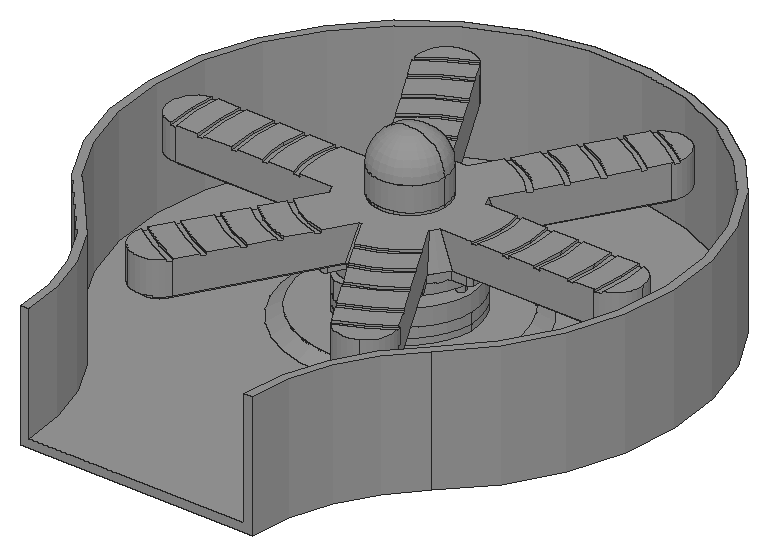
Revit family "ALMA-Galen_Rinser", category Plumbing Fixtures, Revit 2026
Family settings
  Round Connector Dimension = Use Diameter
  Part Type = Normal
  Work Plane-Based = No
  Enable Cutting in Views = Yes
  Always vertical = Yes
  Cut with Voids When Loaded = No
  Maintain Annotation Orientation = No
  Shared = No
  Room Calculation Point = No
Parameters (values of type "BRUSHED BRASS GOLD")
  TiltingGasket_Material = Plastic
  SprayPlate_Material = Black Rubber
  Default Elevation = 0 mm
  CentralBody_Material = Stainles Steel
  Base_Material = BM_BRASS GOLD
Types (6, lengths in mm): name | Base_Material
  (no name) | BM_BRASS GOLD
  MATTE BLACK | BM_MATTE BLACK
  BRUSHED BRASS GOLD | BM_BRASS GOLD
  BRUSHED ANTIQUE BRASS | BM_ANTIQUE BRASS
  BRUSHED GUNMETAL | BM_GUNMETAL
  BRUSHED NICKEL | BM_NICKEL
Reference planes
  plane 1 "Center (Front/Back)": y = 0
  plane 2: z = 0
  plane 3 "Center (Left/Right)": x = 0
  plane 4: x = -64
  plane 5: x = 64
  plane 6: x = 13.5
  plane 7: z = 42.886
  plane 8: y = 64
  plane 9: y = -82
Forms (mm)
  Extrusion 1, solid, material "BM_BRASS GOLD" <- "Base_Material"
    sketch origin (0, 0, 0) x (1, 0, 0) y (0, 1, 0)
      loop
        arc (43.164, -47.253) -> (0.408, 63.999) -> (-43.763, -46.699) r 64
        arc (-43.763, -46.699) -> (-32.486, -62.77) -> (-28.586, -82.012) r 48
        line (-28.586, -82.012) -> (27.542, -82.012)
        arc (27.542, -82.012) -> (31.756, -63.016) -> (43.164, -47.253) r 48
    from 0 to 30
  Extrusion 2, void
    sketch origin (0, 0, 0) x (1, 0, 0) y (0, 1, 0)
      loop
        arc (41.815, -45.777) -> (0.395, 61.999) -> (-42.396, -45.24) r 62
        arc (-42.396, -45.24) -> (-30.648, -61.98) -> (-26.586, -82.024) r 50
        line (-26.586, -82.024) -> (25.541, -82.024)
        arc (25.541, -82.024) -> (29.923, -62.215) -> (41.815, -45.777) r 50
    from 2 to 30
  SweptBlend 3, solid, material "BM_BRASS GOLD" <- "Base_Material"
    path origin (0, 0, 0) x (1, 0, 0) y (0, 0, 1)
      loop
        line (0, 2) -> (0, 4)
    profile origin (0, 0, 2) x (-1, 0, 0) y (0, -1, 0)
      loop
        circle (0, 0) r 27.524
    end profile origin (0, 0, 4) x (-1, 0, 0) y (0, -1, 0)
      loop
        circle (0, 0) r 23.998
  Extrusion 4, void
    sketch origin (0, 0, 0) x (1, 0, 0) y (0, 1, 0)
      loop
        circle (0, 0) r 10.5
    from 0 to 37.603
  Extrusion 5, solid, material "Stainles Steel" <- "CentralBody_Material"
    sketch origin (0, 0, 4) x (0, -1, 0) y (1, 0, 0)
      loop
        circle (0, 0) r 15
    from 1.5 to 4
  Extrusion 6, solid, material "Silicone"
    sketch origin (0, 0, 1.5) x (0, -1, 0) y (1, 0, 0)
      loop
        circle (0, 0) r 15
    from 2.5 to 4
  Extrusion 7, solid, material "Stainles Steel"
    sketch origin (0, 0, 12) x (0, -1, 0) y (1, 0, 0)
      loop
        circle (0, 0) r 4
    from 0 to 2.7
  Extrusion 8, solid, material "Stainles Steel" <- "CentralBody_Material"
    sketch origin (0, 0, 14.7) x (0, -1, 0) y (1, 0, 0)
      loop
        circle (0, 0) r 15
    from 0 to 2.3
  Extrusion 9, solid, material "Stainles Steel" <- "CentralBody_Material"
    sketch origin (0, 0, 8) x (1, 0, 0) y (0, 1, 0)
      loop
        line (8.357, 12.457) -> (-8.357, 12.457)
        arc (-8.357, 12.457) -> (-15, 0) -> (-8.357, -12.457) r 15
        line (-8.357, -12.457) -> (8.357, -12.457)
        arc (8.357, -12.457) -> (15, 0) -> (8.357, 12.457) r 15
    from 0 to 4
  Extrusion 10, solid, material "Stainles Steel"
    sketch origin (0, 0, 12) x (1, 0, 0) y (0, 1, 0)
      loop
        circle (12.5, 0) r 1
      loop
        circle (-12.5, 0) r 1
    from 0 to 5
  Extrusion 11, solid, material "Stainles Steel" <- "CentralBody_Material"
    sketch origin (0, 0, 17) x (0, -1, 0) y (1, 0, 0)
      loop
        circle (0, 0) r 8.5
    from 0 to 12
  Revolve 12, solid, material "Stainles Steel" <- "CentralBody_Material"
    sketch origin (0, 0, 0) x (1, 0, 0) y (0, 0, 1)
      loop
        arc (0, 42.886) -> (-5.977, 40.733) -> (-8.5, 34.902) r 8
        line (-8.5, 34.902) -> (-8.5, 29) -> (0, 29) -> (0, 42.886)
      axis (0, 42.886) -> (0, 29)
    angle from 0 to 360
  Extrusion 13, solid, material "Plastic"
    sketch origin (0, 0, 0) x (1, 0, 0) y (0, 1, 0)
      loop
        circle (0, 0) r 25
      loop
        circle (0, 0) r 11
    from 0 to -15
  Extrusion 14, solid, material "Stainles Steel" <- "CentralBody_Material"
    sketch origin (0, 0, 0) x (1, 0, 0) y (0, 1, 0)
      loop
        circle (0, 0) r 6.5
      loop
        arc (-11.576, 9.54) -> (-13.358, 6.824) -> (-14.514, 3.787) r 15
        line (-14.514, 3.787) -> (-17.856, 3.787)
        arc (-17.856, 3.787) -> (-18.563, 3.495) -> (-18.856, 2.787) r 1
        line (-18.856, 2.787) -> (-18.856, -4.288)
        arc (-18.856, -4.288) -> (-18.574, -4.97) -> (-17.891, -5.253) r 0.965
        line (-17.891, -5.253) -> (-14.05, -5.253)
        arc (-14.05, -5.253) -> (-12.991, -7.499) -> (-11.576, -9.54) r 15
        line (-11.576, -9.54) -> (-13.598, -13.042)
        arc (-13.598, -13.042) -> (-13.697, -13.772) -> (-13.256, -14.361) r 0.971
        line (-13.256, -14.361) -> (-7.234, -17.974)
        arc (-7.234, -17.974) -> (-6.455, -18.09) -> (-5.822, -17.621) r 1.029
        line (-5.822, -17.621) -> (-3.934, -14.475)
        arc (-3.934, -14.475) -> (0, -15) -> (3.934, -14.475) r 15
        line (3.934, -14.475) -> (5.822, -17.621)
        arc (5.822, -17.621) -> (6.455, -18.09) -> (7.234, -17.974) r 1.029
        line (7.234, -17.974) -> (13.256, -14.361)
        arc (13.256, -14.361) -> (13.697, -13.772) -> (13.598, -13.042) r 0.971
        line (13.598, -13.042) -> (11.576, -9.54)
        arc (11.576, -9.54) -> (12.991, -7.499) -> (14.05, -5.253) r 15
        line (14.05, -5.253) -> (17.891, -5.253)
        arc (17.891, -5.253) -> (18.574, -4.97) -> (18.856, -4.288) r 0.965
        line (18.856, -4.288) -> (18.856, 2.787)
        arc (18.856, 2.787) -> (18.563, 3.495) -> (17.856, 3.787) r 1
        line (17.856, 3.787) -> (14.514, 3.787)
        arc (14.514, 3.787) -> (13.358, 6.824) -> (11.576, 9.54) r 15
        line (11.576, 9.54) -> (13.598, 13.042)
        arc (13.598, 13.042) -> (13.697, 13.772) -> (13.256, 14.361) r 0.971
        line (13.256, 14.361) -> (7.234, 17.974)
        arc (7.234, 17.974) -> (6.455, 18.09) -> (5.822, 17.621) r 1.029
        line (5.822, 17.621) -> (3.934, 14.475)
        arc (3.934, 14.475) -> (0, 15) -> (-3.934, 14.475) r 15
        line (-3.934, 14.475) -> (-5.822, 17.621)
        arc (-5.822, 17.621) -> (-6.455, 18.09) -> (-7.234, 17.974) r 1.029
        line (-7.234, 17.974) -> (-13.256, 14.361)
        arc (-13.256, 14.361) -> (-13.697, 13.772) -> (-13.598, 13.042) r 0.971
        line (-13.598, 13.042) -> (-11.576, 9.54)
    from 17 to 19
  Extrusion 15, solid, material "Black Rubber" <- "SprayPlate_Material"
    sketch origin (0, 0, 20.5) x (0, -1, 0) y (1, 0, 0)
      loop
        arc (-5.745, -50.878) -> (-3.841, -55.474) -> (0.775, -57.378) r 6.5
        arc (0.775, -57.378) -> (5.357, -55.48) -> (7.255, -50.898) r 6.48
        line (7.255, -50.898) -> (7.255, 50.248)
        arc (7.255, 50.248) -> (5.251, 54.942) -> (0.475, 56.742) r 6.5
        arc (0.475, 56.742) -> (-3.939, 54.744) -> (-5.745, 50.248) r 6.5
        line (-5.745, 50.248) -> (-5.745, -50.878)
    from 0 to 8
  Extrusion 16, solid, material "Black Rubber" <- "SprayPlate_Material"
    sketch origin (0, 0, 20.5) x (0.866025, -0.5, 0) y (0.5, 0.866025, 0)
      loop
        arc (-5.745, -50.878) -> (-3.841, -55.474) -> (0.775, -57.378) r 6.5
        arc (0.775, -57.378) -> (5.357, -55.48) -> (7.255, -50.898) r 6.48
        line (7.255, -50.898) -> (7.255, 50.248)
        arc (7.255, 50.248) -> (5.251, 54.942) -> (0.475, 56.742) r 6.5
        arc (0.475, 56.742) -> (-3.939, 54.744) -> (-5.745, 50.248) r 6.5
        line (-5.745, 50.248) -> (-5.745, -50.878)
    from 0 to 8
  Extrusion 17, solid, material "Black Rubber" <- "SprayPlate_Material"
    sketch origin (0, 0, 20.5) x (-0.866025, -0.5, 0) y (0.5, -0.866025, 0)
      loop
        line (-5.745, 50.878) -> (-5.745, -50.248)
        arc (-5.745, -50.248) -> (-3.939, -54.744) -> (0.475, -56.742) r 6.5
        arc (0.475, -56.742) -> (5.251, -54.942) -> (7.255, -50.248) r 6.5
        line (7.255, -50.248) -> (7.255, 50.898)
        arc (7.255, 50.898) -> (5.357, 55.48) -> (0.775, 57.378) r 6.48
        arc (0.775, 57.378) -> (-3.841, 55.474) -> (-5.745, 50.878) r 6.5
    from 0 to 8
  SweptBlend 18, solid, material "Black Rubber" <- "SprayPlate_Material"
    path origin (0, 0, 3.5) x (1, 0, 0) y (0, 0, 1)
      loop
        line (0, 17) -> (0, 25)
    profile origin (0, 0, 20.5) x (-1, 0, 0) y (0, -1, 0)
      loop
        circle (0, 0) r 17.5
    end profile origin (0, 0, 28.5) x (-1, 0, 0) y (0, -1, 0)
      loop
        circle (0, 0) r 15
  Extrusion 19, solid, material "Stainles Steel" <- "CentralBody_Material"
    sketch origin (0, 0, 0) x (1, 0, 0) y (0, 1, 0)
      loop
        line (50.248, 3.745) -> (14.525, 3.745)
        arc (14.525, 3.745) -> (13.368, 6.804) -> (11.576, 9.54) r 15
        line (11.576, 9.54) -> (29.675, 40.889)
        arc (29.675, 40.889) -> (30.098, 44.397) -> (27.858, 47.129) r 4.5
        arc (27.858, 47.129) -> (24.52, 47.459) -> (21.881, 45.389) r 4.5
        line (21.881, 45.389) -> (4.019, 14.452)
        arc (4.019, 14.452) -> (0, 15) -> (-4.019, 14.452) r 15
        line (-4.019, 14.452) -> (-21.881, 45.389)
        arc (-21.881, 45.389) -> (-24.52, 47.459) -> (-27.858, 47.129) r 4.5
        arc (-27.858, 47.129) -> (-30.098, 44.397) -> (-29.675, 40.889) r 4.5
        line (-29.675, 40.889) -> (-11.576, 9.54)
        arc (-11.576, 9.54) -> (-13.368, 6.804) -> (-14.525, 3.745) r 15
        line (-14.525, 3.745) -> (-50.878, 3.745)
        arc (-50.878, 3.745) -> (-54.063, 2.423) -> (-55.378, -0.765) r 4.5
        arc (-55.378, -0.765) -> (-54.069, -3.939) -> (-50.898, -5.255) r 4.48
        line (-50.898, -5.255) -> (-14.049, -5.255)
        arc (-14.049, -5.255) -> (-12.577, -8.175) -> (-10.506, -10.706) r 15
        line (-10.506, -10.706) -> (-28.682, -42.189)
        arc (-28.682, -42.189) -> (-29.13, -45.608) -> (-27.026, -48.341) r 4.5
        arc (-27.026, -48.341) -> (-23.623, -48.795) -> (-20.898, -46.706) r 4.48
        line (-20.898, -46.706) -> (-2.474, -14.795)
        arc (-2.474, -14.795) -> (0, -15) -> (2.474, -14.795) r 15
        line (2.474, -14.795) -> (20.898, -46.706)
        arc (20.898, -46.706) -> (23.623, -48.795) -> (27.026, -48.341) r 4.48
        arc (27.026, -48.341) -> (29.13, -45.608) -> (28.682, -42.189) r 4.5
        line (28.682, -42.189) -> (10.506, -10.706)
        arc (10.506, -10.706) -> (12.577, -8.175) -> (14.049, -5.255) r 15
        line (14.049, -5.255) -> (50.248, -5.255)
        arc (50.248, -5.255) -> (53.498, -3.868) -> (54.744, -0.561) r 4.5
        arc (54.744, -0.561) -> (53.361, 2.495) -> (50.248, 3.745) r 4.5
    from 19 to 20.5
  Extrusion 20, void
    sketch origin (0, 0, 0) x (1, 0, 0) y (0, 1, 0)
      loop
        circle (0, 0) r 23.488
      loop
        circle (0, 0) r 21.988
    from 28 to 30
  Extrusion 21, void
    sketch origin (0, 0, 0) x (1, 0, 0) y (0, 1, 0)
      loop
        circle (0, 0) r 30.728
      loop
        circle (0, 0) r 29.228
    from 28 to 30
  Extrusion 22, void
    sketch origin (0, 0, 0) x (1, 0, 0) y (0, 1, 0)
      loop
        circle (0, 0) r 37.98
      loop
        circle (0, 0) r 36.48
    from 28 to 30
  Extrusion 23, void
    sketch origin (0, 0, 0) x (1, 0, 0) y (0, 1, 0)
      loop
        circle (0, 0) r 46
      loop
        circle (0, 0) r 44.5
    from 28 to 30
  Extrusion 24, void
    sketch origin (0, 0, 0) x (1, 0, 0) y (0, 1, 0)
      loop
        circle (0, 0) r 52.67
      loop
        circle (0, 0) r 51.153
    from 28 to 30
Cuts and joins
  Extrusion 2, Extrusion 4, Extrusion 20, Extrusion 21, Extrusion 22, Extrusion 23, Extrusion 24 cuts Extrusion 1
  Extrusion 4, Extrusion 20 cuts SweptBlend 3
  Extrusion 20, Extrusion 21, Extrusion 22, Extrusion 23, Extrusion 24 cuts Extrusion 15
  Extrusion 20, Extrusion 21, Extrusion 22, Extrusion 23, Extrusion 24 cuts Extrusion 16
  Extrusion 20, Extrusion 21, Extrusion 22, Extrusion 23, Extrusion 24 cuts Extrusion 17
  Extrusion 20, Extrusion 21, Extrusion 22, Extrusion 23, Extrusion 24 cuts SweptBlend 18
  joined: Extrusion 15, Extrusion 16, Extrusion 17, SweptBlend 18
  Extrusion 20 cuts Extrusion 13
  Extrusion 20, Extrusion 21, Extrusion 22, Extrusion 23 cuts Extrusion 19
Text (mm)
  text "Refer to www.buildmat.com.au for the most current product literature. \nAllow a +/- 5mm tolerance for dimensions shown in the product literature. \nPlease note product details are subject to change due to ongoing product development." at (-1.255, -182.597, 0), in view "Ref. Level"
Dimensions and locks
  equal spacing: plane 4, plane 3 "Center (Left/Right)", plane 5
  plane 9 to plane 8 = 146 mm
  plane 4 to plane 5 = 128 mm
  aligned and locked: level to plane 2
Automatic sketch dimensions
  plane 1 "Center (Front/Back)" to Extrusion 1 sketch curve = 0 mm
  Extrusion 1 sketch curve to plane 3 "Center (Left/Right)" = 0 mm
  plane 9 to Extrusion 1 sketch curve = 0.012 mm
  Extrusion 1 sketch curve to plane 3 "Center (Left/Right)" = 28.586 mm
  Extrusion 1 sketch curve to plane 9 = 0.277 mm
  plane 4 to Extrusion 1 sketch curve = 12.585 mm
  plane 6 to Extrusion 1 sketch curve = 14.042 mm
  plane 9 to Extrusion 1 sketch curve = 0.693 mm
  Extrusion 1 sketch curve to plane 5 = 11.537 mm
  Extrusion 1 sketch curve to Extrusion 1 sketch curve = 0 mm
  plane 1 "Center (Front/Back)" to Extrusion 2 sketch curve = 0 mm
  Extrusion 2 sketch curve to plane 3 "Center (Left/Right)" = 0 mm
  plane 9 to Extrusion 2 sketch curve = 0.024 mm
  Extrusion 2 sketch curve to plane 3 "Center (Left/Right)" = 26.586 mm
  Extrusion 2 sketch curve to plane 9 = 0.277 mm
  plane 4 to Extrusion 2 sketch curve = 12.585 mm
  plane 6 to Extrusion 2 sketch curve = 12.041 mm
  plane 9 to Extrusion 2 sketch curve = 0.693 mm
  Extrusion 2 sketch curve to plane 5 = 11.537 mm
  Extrusion 2 sketch curve to Extrusion 2 sketch curve = 0 mm
  SweptBlend 3 sketch curve to plane 3 "Center (Left/Right)" = 0 mm
  level to SweptBlend 3 sketch curve = 2 mm
  SweptBlend 3 sketch curve to SweptBlend 3 sketch curve = 2 mm
  plane 1 "Center (Front/Back)" to SweptBlend 3 sketch curve = 0 mm  (x2)
  SweptBlend 3 sketch curve to profile plane = 0 mm  (x2)
  plane 1 "Center (Front/Back)" to Extrusion 4 sketch curve = 0 mm
  Extrusion 4 sketch curve to plane 3 "Center (Left/Right)" = 0 mm
  plane 1 "Center (Front/Back)" to Extrusion 6 sketch curve = 0 mm
  Extrusion 6 sketch curve to plane 3 "Center (Left/Right)" = 0 mm
  plane 1 "Center (Front/Back)" to Extrusion 7 sketch curve = 0 mm
  Extrusion 7 sketch curve to plane 3 "Center (Left/Right)" = 0 mm
  Extrusion 9 sketch curve to Extrusion 9 sketch curve = 0 mm  (x2)
  plane 1 "Center (Front/Back)" to Extrusion 9 sketch curve = 0 mm
  Extrusion 9 sketch curve to plane 3 "Center (Left/Right)" = 0 mm
  Extrusion 9 sketch curve to plane 3 "Center (Left/Right)" = 8.357 mm  (x2)
  Extrusion 9 sketch curve to plane 6 = 5.143 mm
  plane 1 "Center (Front/Back)" to Extrusion 9 sketch curve = 12.457 mm
  Extrusion 10 sketch curve to Extrusion 9 = 12.457 mm  (x2)
  Extrusion 10 sketch curve to Extrusion 10 sketch curve = 25 mm
  Revolve 12 sketch curve to plane 3 "Center (Left/Right)" = 0 mm  (x2)
  Revolve 12 sketch curve to plane 7 = 0 mm  (x2)
  Revolve 12 sketch curve to plane 3 "Center (Left/Right)" = 0.5 mm
  Extrusion 13 sketch curve to Extrusion 13 sketch curve = 0 mm  (x2)
  plane 1 "Center (Front/Back)" to Extrusion 13 sketch curve = 0 mm
  Extrusion 13 sketch curve to plane 3 "Center (Left/Right)" = 0 mm
  Extrusion 14 sketch curve to Extrusion 14 sketch curve = 0 mm  (x42)
  plane 1 "Center (Front/Back)" to Extrusion 14 sketch curve = 0 mm
  Extrusion 14 sketch curve to plane 3 "Center (Left/Right)" = 0 mm
  Extrusion 14 sketch curve to plane 3 "Center (Left/Right)" = 3.934 mm  (x2)
  Extrusion 14 sketch curve to Extrusion 14 sketch curve = 1.887 mm  (x4)
  Extrusion 14 sketch curve to Extrusion 14 sketch curve = 0.883 mm  (x4)
  Extrusion 14 sketch curve to Extrusion 14 sketch curve = 0.529 mm  (x8)
  Extrusion 14 sketch curve to Extrusion 14 sketch curve = 4.871 mm  (x2)
  Extrusion 14 sketch curve to Extrusion 14 sketch curve = 1.181 mm  (x2)
  Extrusion 14 sketch curve to Extrusion 14 sketch curve = 0.5 mm  (x2)
  Extrusion 14 sketch curve to Extrusion 14 sketch curve = 0.841 mm  (x2)
  Extrusion 14 sketch curve to Extrusion 14 sketch curve = 2.475 mm
  Extrusion 14 sketch curve to plane 1 "Center (Front/Back)" = 3.787 mm
  Extrusion 14 sketch curve to Extrusion 14 sketch curve = 2.938 mm
  Extrusion 14 sketch curve to Extrusion 14 sketch curve = 3.342 mm  (x2)
  Extrusion 14 sketch curve to Extrusion 14 sketch curve = 3.841 mm  (x2)
  Extrusion 14 sketch curve to Extrusion 14 sketch curve = 0.965 mm  (x2)
  plane 3 "Center (Left/Right)" to Extrusion 14 sketch curve = 3.934 mm  (x2)
  Extrusion 14 sketch curve to plane 6 = 1.924 mm  (x2)
  Extrusion 14 sketch curve to plane 6 = 0.743 mm  (x2)
  Extrusion 14 sketch curve to plane 6 = 0.244 mm  (x2)
  plane 6 to Extrusion 14 sketch curve = 0.098 mm  (x2)
  plane 6 to Extrusion 14 sketch curve = 0.55 mm
  plane 6 to Extrusion 14 sketch curve = 1.014 mm
  plane 1 "Center (Front/Back)" to Extrusion 14 sketch curve = 4.288 mm  (x2)
  Extrusion 14 sketch curve to Extrusion 14 sketch curve = 3.503 mm  (x4)
  Extrusion 14 sketch curve to Extrusion 14 sketch curve = 0.486 mm  (x4)
  Extrusion 14 sketch curve to Extrusion 14 sketch curve = 0.947 mm  (x2)
  Extrusion 14 sketch curve to Extrusion 14 sketch curve = 2.617 mm  (x4)
  Extrusion 14 sketch curve to plane 1 "Center (Front/Back)" = 2.787 mm
  Extrusion 15 sketch curve to Extrusion 15 sketch curve = 0 mm  (x2)
  Extrusion 15 sketch curve to plane 1 "Center (Front/Back)" = 5.745 mm
  plane 1 "Center (Front/Back)" to Extrusion 15 sketch curve = 0.755 mm  (x2)
  Extrusion 15 sketch curve to Extrusion 15 sketch curve = 0.02 mm  (x2)
  Extrusion 15 sketch curve to plane 4 = 13.102 mm
  plane 5 to Extrusion 15 sketch curve = 13.752 mm
  plane 1 "Center (Front/Back)" to Extrusion 15 sketch curve = 0.475 mm
  Extrusion 16 sketch curve to Extrusion 16 sketch curve = 0 mm  (x2)
  plane 6 to Extrusion 16 sketch curve = 6.649 mm
  plane 8 to Extrusion 16 sketch curve = 17.611 mm
  Extrusion 16 sketch curve to Extrusion 16 sketch curve = 6.5 mm  (x2)
  Extrusion 16 sketch curve to Extrusion 16 sketch curve = 0.02 mm  (x2)
  Extrusion 16 sketch curve to Extrusion 16 sketch curve = 101.126 mm
  Extrusion 16 sketch curve to Extrusion 16 sketch curve = 0.28 mm
  Extrusion 17 sketch curve to Extrusion 17 sketch curve = 0 mm  (x2)
  Extrusion 17 sketch curve to plane 3 "Center (Left/Right)" = 20.149 mm
  plane 8 to Extrusion 17 sketch curve = 17.611 mm
  Extrusion 17 sketch curve to Extrusion 17 sketch curve = 6.5 mm  (x2)
  Extrusion 17 sketch curve to Extrusion 17 sketch curve = 0.02 mm  (x2)
  Extrusion 17 sketch curve to Extrusion 17 sketch curve = 101.126 mm
  Extrusion 17 sketch curve to Extrusion 17 sketch curve = 0.28 mm
  SweptBlend 18 sketch curve to plane 3 "Center (Left/Right)" = 0 mm
  SweptBlend 18 sketch curve to profile plane = 0 mm  (x2)
  profile plane to SweptBlend 18 sketch curve = 0 mm  (x2)
  Extrusion 19 sketch curve to Extrusion 19 sketch curve = 0 mm  (x36)
  plane 1 "Center (Front/Back)" to Extrusion 19 sketch curve = 0 mm
  Extrusion 19 sketch curve to plane 3 "Center (Left/Right)" = 0 mm
  Extrusion 19 sketch curve to plane 3 "Center (Left/Right)" = 2.474 mm
  Extrusion 19 sketch curve to plane 3 "Center (Left/Right)" = 4.019 mm
  Extrusion 19 sketch curve to Extrusion 19 sketch curve = 8.032 mm
  Extrusion 19 sketch curve to Extrusion 19 sketch curve = 7.556 mm
  Extrusion 19 sketch curve to Extrusion 19 sketch curve = 3.544 mm
  Extrusion 19 sketch curve to plane 1 "Center (Front/Back)" = 3.745 mm
  Extrusion 19 sketch curve to Extrusion 19 sketch curve = 2.949 mm
  Extrusion 19 sketch curve to plane 3 "Center (Left/Right)" = 20.898 mm
  Extrusion 19 sketch curve to plane 3 "Center (Left/Right)" = 21.881 mm
  Extrusion 19 sketch curve to Extrusion 19 sketch curve = 3.88 mm  (x2)
  Extrusion 19 sketch curve to Extrusion 19 sketch curve = 0.007 mm  (x2)
  Extrusion 19 sketch curve to Extrusion 19 sketch curve = 3.897 mm  (x6)
  plane 8 to Extrusion 19 sketch curve = 23.111 mm  (x2)
  Extrusion 19 sketch curve to plane 4 = 13.122 mm
  Extrusion 19 sketch curve to Extrusion 19 sketch curve = 0.02 mm  (x2)
  plane 3 "Center (Left/Right)" to Extrusion 19 sketch curve = 2.474 mm
  plane 3 "Center (Left/Right)" to Extrusion 19 sketch curve = 4.019 mm
  Extrusion 19 sketch curve to plane 6 = 2.994 mm
  Extrusion 19 sketch curve to plane 6 = 1.924 mm
  plane 6 to Extrusion 19 sketch curve = 0.549 mm
  plane 6 to Extrusion 19 sketch curve = 1.025 mm
  plane 6 to Extrusion 19 sketch curve = 7.398 mm
  plane 6 to Extrusion 19 sketch curve = 8.381 mm
  plane 1 "Center (Front/Back)" to Extrusion 19 sketch curve = 5.255 mm
  plane 5 to Extrusion 19 sketch curve = 13.752 mm
  Extrusion 19 sketch curve to Extrusion 19 sketch curve = 4.088 mm  (x2)
  Extrusion 19 sketch curve to Extrusion 19 sketch curve = 27.394 mm
  Extrusion 19 sketch curve to Extrusion 19 sketch curve = 31.482 mm
  Extrusion 19 sketch curve to Extrusion 19 sketch curve = 2.25 mm  (x4)
  Extrusion 19 sketch curve to Extrusion 19 sketch curve = 0.027 mm  (x2)
  Extrusion 19 sketch curve to Extrusion 19 sketch curve = 2.24 mm  (x2)
  plane 1 "Center (Front/Back)" to Extrusion 19 sketch curve = 0.775 mm
  plane 1 "Center (Front/Back)" to Extrusion 19 sketch curve = 0.755 mm
  Extrusion 19 sketch curve to Extrusion 19 sketch curve = 4.912 mm
  Extrusion 19 sketch curve to Extrusion 19 sketch curve = 2.08 mm  (x2)
  plane 1 "Center (Front/Back)" to Extrusion 19 sketch curve = 0.561 mm
  Extrusion 20 sketch curve to Extrusion 20 sketch curve = 0 mm  (x2)
  plane 1 "Center (Front/Back)" to Extrusion 20 sketch curve = 0 mm
  Extrusion 20 sketch curve to plane 3 "Center (Left/Right)" = 0 mm
  Extrusion 21 sketch curve to Extrusion 21 sketch curve = 0 mm  (x2)
  plane 1 "Center (Front/Back)" to Extrusion 21 sketch curve = 0 mm
  Extrusion 21 sketch curve to plane 3 "Center (Left/Right)" = 0 mm
  Extrusion 22 sketch curve to Extrusion 22 sketch curve = 0 mm  (x2)
  plane 1 "Center (Front/Back)" to Extrusion 22 sketch curve = 0 mm
  Extrusion 22 sketch curve to plane 3 "Center (Left/Right)" = 0 mm
  Extrusion 23 sketch curve to Extrusion 23 sketch curve = 0 mm  (x2)
  plane 1 "Center (Front/Back)" to Extrusion 23 sketch curve = 0 mm
  Extrusion 23 sketch curve to plane 3 "Center (Left/Right)" = 0 mm
  Extrusion 24 sketch curve to Extrusion 24 sketch curve = 0 mm  (x2)
  plane 1 "Center (Front/Back)" to Extrusion 24 sketch curve = 0 mm
  Extrusion 24 sketch curve to plane 3 "Center (Left/Right)" = 0 mm
  Revolve 12 sketch curve to plane 7 = 7.984 mm
  Revolve 12 sketch curve to Revolve 12 sketch curve = 5.902 mm
  Revolve 12 sketch curve to Revolve 12 sketch curve = 0 mm
  level to SweptBlend 18 sketch curve = 20.5 mm
  SweptBlend 18 sketch curve to SweptBlend 18 sketch curve = 8 mm
  radius of SweptBlend 3 sketch curve = 27.524 mm
  radius of SweptBlend 3 sketch curve = 23.998 mm
  radius of Extrusion 4 sketch curve = 10.5 mm
  radius of Extrusion 5 sketch curve to SweptBlend 3 = 8.998 mm
  radius of Extrusion 6 sketch curve = 15 mm
  radius of Extrusion 7 sketch curve = 4 mm
  radius of Extrusion 7 to Extrusion 8 sketch curve = 11 mm
  radius of Extrusion 10 sketch curve = 1 mm  (x2)
  radius of Extrusion 11 sketch curve to Extrusion 8 = 6.5 mm
  radius of Extrusion 13 sketch curve = 25 mm
  radius of Extrusion 13 sketch curve = 11 mm
  radius of Extrusion 14 sketch curve = 6.5 mm
  radius of SweptBlend 18 sketch curve = 17.5 mm
  radius of SweptBlend 18 sketch curve = 15 mm
  radius of Extrusion 20 sketch curve = 23.488 mm
  radius of Extrusion 20 sketch curve = 21.988 mm
  radius of Extrusion 21 sketch curve = 30.728 mm
  radius of Extrusion 21 sketch curve = 29.228 mm
  radius of Extrusion 22 sketch curve = 37.98 mm
  radius of Extrusion 22 sketch curve = 36.48 mm
  radius of Extrusion 23 sketch curve = 46 mm
  radius of Extrusion 23 sketch curve = 44.5 mm
  radius of Extrusion 24 sketch curve = 52.67 mm
  radius of Extrusion 24 sketch curve = 51.153 mm
